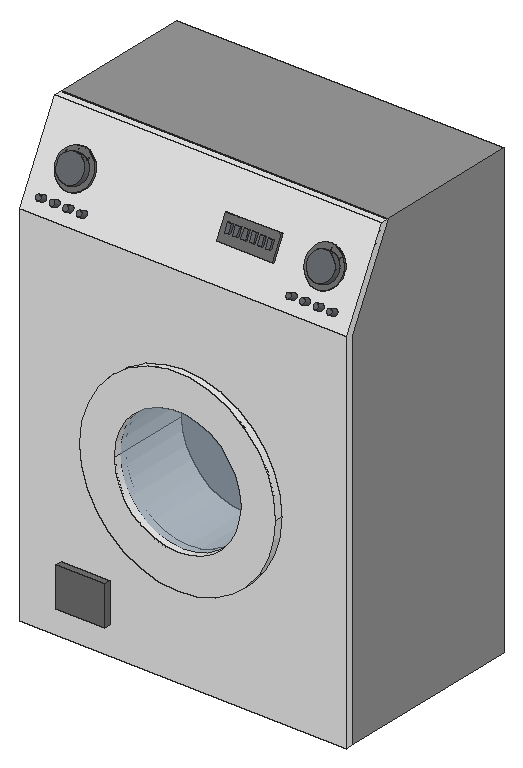
Revit family "Машина стиральная 4 кг", category Оборудование, Revit 2017
Family settings
  Размер круглого соединителя = Использовать радиус
  Тип детали = Вставляется
  На основе рабочей плоскости = Нет
  Всегда вертикально = Да
  При загрузке вырезать с полостями = Нет
  Общий = Нет
  Точка расчета площади = Нет
Parameters (values of type "LG F-1096SD3")
  Ширина = 600.0 mm
  Число полюсов = 1
  Примечание = ""
  Позиция = ""
  Обозначение = "F-1096SD3"
  Напряжение = 220 V
  Наименование = "Стиральная машина - 4кг"
  Мощность номинальная = 2000 W
  Код оборудования = ""
  Keynote = ""
  Изготовитель = "Severin"
  Задание = "ЭМ, ВК"
  Завод = "LG"
  Единицы = "шт."
  Диаметр_ХВ = 12.7 mm
  Диаметр_К = 25.4 mm
  Глубина = 360.0 mm
  Высота = 830.0 mm
  Mep_Масса = ""
Reference planes
  plane 1 "По центру (Вперед/Назад)": y = 0
  plane 2: z = 0
  plane 3 "По центру (Влево/Вправо)": x = 0
  plane 4: x = -300
  plane 5: x = 300
  plane 6: y = 180
  plane 7: y = -180
  plane 8: z = 830
Forms (mm)
  Extrusion 1, void
    sketch origin (300, 180, 830) x (0, 0, -1) y (-1, 0, 0)
      loop
        circle (735.989, 523.8) r 25
      loop
        circle (735.989, 448.8) r 25
      loop
        circle (735.989, 373.8) r 25
    from 0 to 17.133
Dimensions and locks
  equal spacing: plane 4, plane 3 "По центру (Влево/Вправо)", plane 5
  equal spacing: plane 6, plane 1 "По центру (Вперед/Назад)", plane 7
  "Глубина": plane 6 to plane 7
  "Ширина": plane 4 to plane 5
  "Высота": plane 8 to plane 2
  locked: Extrusion 1 to Extrusion 1 at 17.133
  aligned and locked: level to plane 2
  aligned and locked: nested 1 to plane 4
  aligned and locked: nested 1 to plane 6
  aligned and locked: nested 1 to plane 5
  aligned and locked: Extrusion 1 to plane 6
Automatic sketch dimensions
  nested 1 to Extrusion 1 sketch curve = 94.011 mm
  Extrusion 1 sketch curve to Extrusion 1 sketch curve = 0.0 mm  (x2)
  Extrusion 1 sketch curve to nested 1 = 226.2 mm
  Extrusion 1 sketch curve to Extrusion 1 sketch curve = 75.0 mm  (x2)
  radius of Extrusion 1 sketch curve = 25.0 mm  (x3)
Nested families
  nested 1: "Washing_Machine_12198" at (0, -1658.487, 0), width <- "Ширина", depth <- "Глубина", height <- "Высота", type "27x29x42 inch"
    with width 600.0 mm, washing machine Пластмасса, непрозрачная, белая, height 830.0 mm, depth 360.0 mm, WM Side GKS_Оборудование
Connectors
  electrical at (-73.8, 180, 94.011), driven by "Число полюсов", driven by "Напряжение", driven by "Мощность номинальная"
    settings: on Extrusion 1, index 1, voltage 220 V, apparent load 2000 VA, apparent load phase1 0 VA, apparent load phase2 0 VA, apparent load phase3 0 VA, power factor 0, load classification "Прочее", number of poles 1, system type 30, power factor state 1, is connector primary yes, connector utility no, sub classification motor no, connector description ""
  piping at (-148.8, 180, 94.011), diameter 25.4, driven by "Диаметр_ХВ"
    settings: on Extrusion 1, index 2, connector inside diameter 609.6 mm, connector length 0.0 mm, flow factor 0, pipe flow 0.0 L/s, pressure drop 0.0 Pa, fitting loss kfactor 0, connector angle 0.00°, fixture units 0, engagement length 0.0 mm, angle of deflection 0.00°, flow configuration 0, flow direction 0, fitting loss method 4, system type 20, joint type 0, gender type 0, connector reference index -1, connector utility 0, adjustable connector no, is connector primary yes, connector description ""
  piping at (-223.8, 180, 94.011), diameter 50.8, driven by "Диаметр_К"
    settings: on Extrusion 1, index 3, connector inside diameter 609.6 mm, connector length 0.0 mm, flow factor 0, pipe flow 0.0 L/s, pressure drop 0.0 Pa, fitting loss kfactor 0, connector angle 0.00°, fixture units 0, engagement length 0.0 mm, angle of deflection 0.00°, flow configuration 0, flow direction 0, fitting loss method 0, system type 16, joint type 0, gender type 0, connector reference index -1, connector utility 0, adjustable connector no, is connector primary no, connector description ""
Definition of nested family "Washing_Machine_12198"
  Parameters (values of type "27x29x42 inch")
    width [instance] = 550.0 mm
    washing machine [instance] = none
    radius of window = 129.2 mm
    radius of win outer = radius of window + 50.8 mm  # 180.0 mm
    radius of inner window = radius of window - 12.7 mm  # 116.5 mm
    knob = none
    inner_handel = radius of window + 6.35 mm  # 135.55 mm
    height [instance] = 850.0 mm
    external_handel = radius of window + 31.75 mm  # 160.95 mm
    depth [instance] = 600.0 mm
    black glass = none
    WM chrome = none
    WM Side [instance] = none
    Note to users = ""
    Disclaimer = ""
    Comments and Suggestions Welcome to = ""
    Assembly Code = ""
  Reference planes
    plane 1 "Center (Front/Back)": y = 1724.148
    plane 2 "bottom": z = 1947.2
    plane 3 "Center (Left/Right)": x = 0
    plane 4: x = 275
    plane 5: x = -275
    plane 6: y = 2078.487
    plane 7: y = 1478.487
    plane 8: z = 850
    plane 9: y = 1491.187
    plane 10: z = 697.6
    plane 11: x = -198.8
    plane 12: x = -46.4
    plane 13: z = 348.8
    plane 14: y = 1465.787
    plane 15: y = 1618.187
    plane 16: y = 2053.087
    plane 17: x = -249.6
    plane 18: x = 249.6
    plane 19: y = 1516.587
    plane 20: z = 25.4
    plane 21: y = 1475.312
  Forms (mm)
    Extrusion 1, solid, material <- "WM Side"
      sketch origin (0, 0, 0) x (1, 0, 0) y (0, 1, 0)
        loop
          line (-275, 2078.487) -> (-275, 1491.187) -> (275, 1491.187) -> (275, 2078.487) -> (-275, 2078.487)
      from 0 to 850
    Extrusion 2, void
      sketch origin (-342.9, 226.487, 1811.046) x (0, 1, 0) y (0, 0, 1)
        loop
          line (1346.332, -961.046) -> (1264.7, -961.046) -> (1264.7, -1117.121) -> (1346.332, -961.046)
      from 67.9 to 617.9
    Extrusion 3, solid, material <- "WM chrome"
      sketch origin (370.581, 1407.987, 0) x (-1, 0, 0) y (0, 0, -1)
        loop
          line (569.381, -123.811) -> (569.381, -50.945) -> (480.246, -50.945) -> (480.246, -123.811) -> (569.381, -123.811)
      from -70.5 to -57.8
    Extrusion 4, solid, material <- "knob"
      sketch origin (-277.057, 1560.002, 852.897) x (0, -0.463466, -0.886115) y (1, 0, 0)
        loop
          circle (92.105, 71.74) r 25
      from 0 to 11.853
    Extrusion 5, solid, material <- "knob"
      sketch origin (-277.057, 1560.002, 852.897) x (0, -0.463466, -0.886115) y (1, 0, 0)
        loop
          circle (148.86, 34.418) r 5
      from 0 to 11.853
    Extrusion 6, solid, material <- "knob"
      sketch origin (-277.057, 1560.002, 852.897) x (0, -0.463466, -0.886115) y (1, 0, 0)
        loop
          circle (148.86, 59.418) r 5
      from 0 to 11.853
    Extrusion 7, solid, material <- "knob"
      sketch origin (-277.057, 1560.002, 852.897) x (0, -0.463466, -0.886115) y (1, 0, 0)
        loop
          circle (148.86, 84.418) r 5
      from 0 to 11.853
    Extrusion 8, solid, material <- "knob"
      sketch origin (-277.057, 1560.002, 852.897) x (0, -0.463466, -0.886115) y (1, 0, 0)
        loop
          circle (148.86, 109.418) r 5
      from 0 to 11.853
    Extrusion 9, solid, material <- "WM chrome"
      sketch origin (-277.057, 1560.002, 852.897) x (0, -0.463466, -0.886115) y (1, 0, 0)
        loop
          circle (91.863, 72.572) r 35
        loop
          line (71.075, 49.907) -> (72.418, 48.849) -> (74.982, 52.058) -> (73.745, 53.295) -> (71.075, 49.907)
        loop
          line (63.364, 68.608) -> (68.789, 68.775) -> (68.952, 70.633) -> (63.306, 70.499) -> (63.364, 68.608)
        loop
          line (70.539, 89.979) -> (76.409, 85.984) -> (77.569, 87.319) -> (71.555, 91.473) -> (70.539, 89.979)
      from 0 to 2
    Extrusion 10, solid
      sketch origin (-275, 1491.187, 0) x (0, 1, 0) y (0, 0, -1)
        loop
          line (0, 0) -> (-12.7, 0) -> (-12.7, -697.046) -> (67.3, -850) -> (81.632, -850) -> (0, -693.925) -> (0, 0)
      from -550 to 0
    Extrusion 11, solid
      sketch origin (-713.094, 1465.787, 3800) x (-1, 0, 0) y (0, 0, 1)
        loop
          circle (-713.094, -3451.2) r 129.2
        loop
          circle (-713.094, -3451.2) r 180
      from 0 to 152.4
    Extrusion 12, void
      sketch origin (-713.094, 1465.787, 3800) x (1, 0, 0) y (0, 0, 1)
        loop
          circle (713.094, -3451.2) r 180
      from -25.4 to -12.7
    Extrusion 13, void
      sketch origin (2766.356, -1524, 25.4) x (-1, 0, 0) y (0, -1, 0)
        loop
          line (2516.756, -3577.087) -> (3015.956, -3577.087) -> (3015.956, -3040.587) -> (2516.756, -3040.587) -> (2516.756, -3577.087)
      from 0 to 672.2
    Extrusion 14, void
      sketch origin (-713.094, 1491.187, 3800) x (1, 0, 0) y (0, 0, 1)
        loop
          circle (713.094, -3451.2) r 129.2
      from -81.632 to 25.4
    Sweep 15, solid
      path origin (2766.356, -1524, 348.8) x (0, -1, 0) y (1, 0, 0)
        loop
          line (-3142.187, -2766.356) -> (-2989.787, -2766.356)
      profile origin (0, 1541.987, 348.8) x (1, 0, 0) y (0, 0, 1)
        loop
          circle (0, 0) r 129.2
    Sweep 16, void
      path origin (2766.356, -1524, 348.8) x (0, -1, 0) y (1, 0, 0)
        loop
          line (-3142.187, -2766.356) -> (-2989.787, -2766.356)
      profile origin (0, 1541.987, 348.8) x (1, 0, 0) y (0, 0, 1)
        loop
          circle (0, 0) r 116.5
    Extrusion 17, solid, material <- "black glass"
      sketch origin (-342.9, 1478.487, 3800) x (-1, 0, 0) y (0, 0, 1)
        loop
          circle (-342.9, -3451.2) r 116.5
      from 0 to 12.7
    Extrusion 18, solid, material <- "knob"
      sketch origin (412.857, 1560.002, 852.897) x (0, -0.463466, -0.886115) y (1, 0, 0)
        loop
          circle (92.105, -207.54) r 25
      from 0 to 11.853
    Extrusion 19, solid, material <- "knob"
      sketch origin (412.857, 1560.002, 852.897) x (0, -0.463466, -0.886115) y (1, 0, 0)
        loop
          circle (148.86, -170.218) r 5
      from 0 to 11.853
    Extrusion 20, solid, material <- "knob"
      sketch origin (412.857, 1560.002, 852.897) x (0, -0.463466, -0.886115) y (1, 0, 0)
        loop
          circle (148.86, -195.218) r 5
      from 0 to 11.853
    Extrusion 21, solid, material <- "knob"
      sketch origin (412.857, 1560.002, 852.897) x (0, -0.463466, -0.886115) y (1, 0, 0)
        loop
          circle (148.86, -220.218) r 5
      from 0 to 11.853
    Extrusion 22, solid, material <- "knob"
      sketch origin (412.857, 1560.002, 852.897) x (0, -0.463466, -0.886115) y (1, 0, 0)
        loop
          circle (148.86, -245.218) r 5
      from 0 to 11.853
    Extrusion 23, solid, material <- "WM chrome"
      sketch origin (412.857, 1560.002, 852.897) x (0, -0.463466, -0.886115) y (1, 0, 0)
        loop
          circle (91.863, -208.372) r 35
        loop
          line (71.075, -185.707) -> (73.745, -189.095) -> (74.982, -187.858) -> (72.418, -184.649) -> (71.075, -185.707)
        loop
          line (63.364, -204.408) -> (63.306, -206.299) -> (68.952, -206.433) -> (68.789, -204.575) -> (63.364, -204.408)
        loop
          line (70.539, -225.779) -> (71.555, -227.273) -> (77.569, -223.119) -> (76.409, -221.784) -> (70.539, -225.779)
      from 0 to 2
    Extrusion 24, solid, material <- "WM chrome"
      sketch origin (412.857, 1560.002, 852.897) x (0, -0.463466, -0.886115) y (1, 0, 0)
        loop
          line (69.709, -295.114) -> (69.709, -397.423) -> (114.709, -397.423) -> (114.709, -295.114) -> (69.709, -295.114)
        loop
          line (83.201, -304.7) -> (83.201, -312.423) -> (98.201, -312.423) -> (98.201, -304.7) -> (83.201, -304.7)
        loop
          line (83.201, -319.7) -> (83.201, -327.423) -> (98.201, -327.423) -> (98.201, -319.7) -> (83.201, -319.7)
        loop
          line (83.201, -334.7) -> (83.201, -342.423) -> (98.201, -342.423) -> (98.201, -334.7) -> (83.201, -334.7)
        loop
          line (83.201, -349.7) -> (83.201, -357.423) -> (98.201, -357.423) -> (98.201, -349.7) -> (83.201, -349.7)
        loop
          line (83.201, -364.7) -> (83.201, -372.423) -> (98.201, -372.423) -> (98.201, -364.7) -> (83.201, -364.7)
        loop
          line (82.156, -379.7) -> (82.156, -387.423) -> (98.201, -387.423) -> (98.201, -379.7) -> (82.156, -379.7)
      from 0 to 2
    Extrusion 25, solid, material <- "knob"
      sketch origin (412.857, 1560.002, 852.897) x (0, -0.463466, -0.886115) y (1, 0, 0)
        loop
          line (82.156, -304.7) -> (82.156, -312.423) -> (98.201, -312.423) -> (98.201, -304.7) -> (82.156, -304.7)
        loop
          line (82.156, -319.7) -> (82.156, -327.423) -> (98.201, -327.423) -> (98.201, -319.7) -> (82.156, -319.7)
        loop
          line (82.156, -334.7) -> (82.156, -342.423) -> (98.201, -342.423) -> (98.201, -334.7) -> (82.156, -334.7)
        loop
          line (82.156, -349.7) -> (82.156, -357.423) -> (98.201, -357.423) -> (98.201, -349.7) -> (82.156, -349.7)
        loop
          line (82.156, -364.7) -> (82.156, -372.423) -> (98.201, -372.423) -> (98.201, -364.7) -> (82.156, -364.7)
        loop
          line (82.156, -379.7) -> (82.156, -387.423) -> (98.201, -387.423) -> (98.201, -379.7) -> (82.156, -379.7)
      from 0 to 4.473
  Cuts and joins
    Extrusion 2, Extrusion 13, Extrusion 14, Sweep 16 cuts Extrusion 1
    Extrusion 12, Extrusion 13, Extrusion 14, Sweep 16 cuts Extrusion 11
    Sweep 16 cuts Sweep 15
    joined: Extrusion 11, Sweep 15
    Extrusion 12, Extrusion 13, Extrusion 14, Sweep 16 cuts Extrusion 10
  Dimensions and locks
    "width": plane 5 to plane 4
    equal spacing: plane 5, plane 3 "Center (Left/Right)", plane 4
    "depth": plane 6 to plane 7
    "height": plane 8 to level
    plane 1 "Center (Front/Back)" to plane 9 to plane 7 = 232.961 mm locked, 12.7 mm locked
    locked: plane 8 to plane 10 at 152.4
    plane 5 to plane 11 to plane 12 = 76.2 mm locked, 152.4 mm locked
    equal spacing: plane 10, plane 13, level
    locked: plane 7 to plane 14 at 12.7
    locked: plane 15 to plane 14 at 152.4
    locked: plane 16 to plane 6 at 25.4
    locked: plane 5 to plane 17 at 25.4
    locked: plane 18 to plane 4 at 25.4
    locked: plane 19 to plane 9 at 25.4
    locked: plane 20 to level at 25.4
    locked: plane 7 to plane 21 at 3.175
    "radius of window": radius of Extrusion 11 sketch curve
    "radius of win outer": radius of Extrusion 11 sketch curve
    "radius of inner window": radius of Sweep 16 sketch curve
    aligned and locked: Extrusion 1 sketch curve to plane 5
    aligned and locked: plane 4 to Extrusion 1 sketch curve
    aligned and locked: plane 6 to Extrusion 1 sketch curve
    aligned and locked: cut or joined group of Extrusion 1, Extrusion 2, Extrusion 13, Extrusion 14, Sweep 16 to plane 8
    aligned and locked: level to cut or joined group of Extrusion 1, Extrusion 2, Extrusion 13, Extrusion 14, Sweep 16
    aligned and locked: plane 9 to Extrusion 1 sketch curve
    aligned and locked: Extrusion 10 sketch curve to plane 9
    aligned and locked: Extrusion 10 sketch curve to plane 7
    aligned and locked: Extrusion 10 sketch curve to level
    aligned and locked: Extrusion 10 sketch curve to plane 8
    aligned and locked: Extrusion 10 sketch curve to cut or joined group of Extrusion 1, Extrusion 2, Extrusion 13, Extrusion 14, Sweep 16
    aligned and locked: Extrusion 10 to plane 4
    aligned and locked: plane 5 to Extrusion 10
    aligned and locked: Extrusion 1 to Extrusion 2  (x2)
    aligned and locked: plane 11 to Extrusion 3
    aligned and locked: plane 15 to Extrusion 11
    aligned and locked: Extrusion 11 to plane 14
    aligned and locked: Extrusion 12 sketch curve to Extrusion 11  (x2)
    aligned and locked: Extrusion 12 to cut or joined group of Extrusion 1, Extrusion 2, Extrusion 13, Extrusion 14, Sweep 16
    aligned and locked: Extrusion 12 to Extrusion 3
    aligned and locked: Extrusion 13 sketch curve to plane 16
    aligned and locked: Extrusion 13 sketch curve to plane 17
    aligned and locked: Extrusion 13 sketch curve to plane 18
    aligned and locked: Extrusion 13 sketch curve to plane 19
    aligned and locked: Extrusion 13 to plane 10
    aligned and locked: plane 20 to Extrusion 13
    aligned and locked: Extrusion 14 sketch curve to cut or joined group of Extrusion 11, Extrusion 12, Extrusion 13, Extrusion 14, Sweep 15, Sweep 16  (x2)
    aligned and locked: Extrusion 14 to Extrusion 2
    aligned and locked: plane 3 "Center (Left/Right)" to Sweep 15 sketch curve
    aligned and locked: plane 14 to Sweep 15 sketch curve
    aligned and locked: plane 15 to Sweep 15 sketch curve
    aligned and locked: Sweep 15 sketch curve to cut or joined group of Extrusion 11, Extrusion 12, Extrusion 13, Extrusion 14, Sweep 15, Sweep 16  (x2)
    aligned and locked: plane 3 "Center (Left/Right)" to Sweep 16 sketch curve
    aligned and locked: plane 14 to Sweep 16 sketch curve
    aligned and locked: plane 15 to Sweep 16 sketch curve
    aligned and locked: Extrusion 17 sketch curve to cut or joined group of Extrusion 11, Extrusion 12, Extrusion 13, Extrusion 14, Sweep 15, Sweep 16  (x2)
    aligned and locked: Extrusion 17 to plane 7
    aligned and locked: plane 9 to Extrusion 17
    aligned and locked: plane 7 to Extrusion 3
    aligned and locked: Extrusion 3 to plane 14
    aligned and locked: plane 14 to cut or joined group of Extrusion 11, Extrusion 12, Extrusion 13, Extrusion 14, Sweep 15, Sweep 16
    aligned and locked: Extrusion 3 to Extrusion 14
  Automatic sketch dimensions
    plane 8 to Extrusion 2 sketch curve = 0.0 mm
    Extrusion 2 sketch curve to plane 9 = 0.0 mm
    Extrusion 2 sketch curve to plane 15 = 45.368 mm
    plane 10 to Extrusion 2 sketch curve = 3.675 mm
    plane 12 to Extrusion 3 sketch curve = 63.265 mm
    plane 11 to Extrusion 3 sketch curve = 0.0 mm
    Extrusion 3 sketch curve to plane 20 = 98.411 mm
    Extrusion 3 sketch curve to plane 20 = 25.545 mm
    Extrusion 10 to Extrusion 4 sketch curve = 83.777 mm
    Extrusion 10 to Extrusion 4 sketch curve = 69.684 mm
    Extrusion 10 to Extrusion 5 sketch curve = 27.021 mm
    Extrusion 10 to Extrusion 5 sketch curve = 32.361 mm
    Extrusion 10 to Extrusion 6 sketch curve = 27.021 mm
    Extrusion 10 to Extrusion 6 sketch curve = 57.361 mm
    Extrusion 10 to Extrusion 7 sketch curve = 27.021 mm
    Extrusion 10 to Extrusion 7 sketch curve = 82.361 mm
    Extrusion 10 to Extrusion 8 sketch curve = 27.021 mm
    Extrusion 10 to Extrusion 8 sketch curve = 107.361 mm
    Extrusion 9 sketch curve to Extrusion 10 = 60.037 mm
    Extrusion 9 sketch curve to Extrusion 9 sketch curve = 0.058 mm
    Extrusion 9 sketch curve to Extrusion 9 sketch curve = 5.425 mm
    Extrusion 9 sketch curve to Extrusion 9 sketch curve = 0.163 mm
    Extrusion 9 sketch curve to Extrusion 9 sketch curve = 1.587 mm
    Extrusion 9 sketch curve to Extrusion 9 sketch curve = 2.286 mm
    Extrusion 9 sketch curve to Extrusion 9 sketch curve = 1.017 mm
    Extrusion 10 to Extrusion 9 sketch curve = 46.793 mm
    Extrusion 9 sketch curve to Extrusion 9 sketch curve = 1.343 mm
    Extrusion 9 sketch curve to Extrusion 9 sketch curve = 2.67 mm
    Extrusion 9 sketch curve to Extrusion 9 sketch curve = 1.238 mm  (x2)
    Extrusion 9 sketch curve to Extrusion 9 sketch curve = 5.87 mm
    Extrusion 9 sketch curve to Extrusion 9 sketch curve = 1.16 mm
    Extrusion 9 sketch curve to Extrusion 9 sketch curve = 15.454 mm
    Extrusion 9 sketch curve to Extrusion 9 sketch curve = 1.058 mm
    Extrusion 9 sketch curve to Extrusion 9 sketch curve = 15.313 mm
    Extrusion 9 sketch curve to Extrusion 9 sketch curve = 0.167 mm
    Extrusion 9 sketch curve to Extrusion 9 sketch curve = 1.858 mm
    Extrusion 9 sketch curve to Extrusion 9 sketch curve = 1.939 mm
    Extrusion 9 sketch curve to Extrusion 9 sketch curve = 15.351 mm
    Extrusion 9 sketch curve to Extrusion 9 sketch curve = 1.334 mm
    Extrusion 9 sketch curve to Extrusion 9 sketch curve = 3.995 mm
    Extrusion 10 sketch curve to Extrusion 10 sketch curve = 14.332 mm
    Extrusion 10 sketch curve to Extrusion 10 sketch curve = 3.121 mm
    Extrusion 10 to Extrusion 18 sketch curve = 83.777 mm
    Extrusion 10 to Extrusion 18 sketch curve = 69.684 mm
    Extrusion 10 to Extrusion 19 sketch curve = 27.021 mm
    Extrusion 10 to Extrusion 19 sketch curve = 32.361 mm
    Extrusion 10 to Extrusion 20 sketch curve = 27.021 mm
    Extrusion 10 to Extrusion 20 sketch curve = 57.361 mm
    Extrusion 10 to Extrusion 21 sketch curve = 27.021 mm
    Extrusion 10 to Extrusion 21 sketch curve = 82.361 mm
    Extrusion 10 to Extrusion 22 sketch curve = 27.021 mm
    Extrusion 10 to Extrusion 22 sketch curve = 107.361 mm
    Extrusion 23 sketch curve to Extrusion 10 = 60.037 mm
    Extrusion 23 sketch curve to Extrusion 23 sketch curve = 0.058 mm
    Extrusion 23 sketch curve to Extrusion 23 sketch curve = 5.425 mm
    Extrusion 23 sketch curve to Extrusion 23 sketch curve = 0.163 mm
    Extrusion 23 sketch curve to Extrusion 23 sketch curve = 1.587 mm
    Extrusion 23 sketch curve to Extrusion 23 sketch curve = 2.286 mm
    Extrusion 23 sketch curve to Extrusion 23 sketch curve = 1.017 mm
    Extrusion 10 to Extrusion 23 sketch curve = 46.793 mm
    Extrusion 23 sketch curve to Extrusion 23 sketch curve = 1.343 mm
    Extrusion 23 sketch curve to Extrusion 23 sketch curve = 2.67 mm
    Extrusion 23 sketch curve to Extrusion 23 sketch curve = 1.238 mm  (x2)
    Extrusion 23 sketch curve to Extrusion 23 sketch curve = 5.87 mm
    Extrusion 23 sketch curve to Extrusion 23 sketch curve = 1.16 mm
    Extrusion 23 sketch curve to Extrusion 23 sketch curve = 15.454 mm
    Extrusion 23 sketch curve to Extrusion 23 sketch curve = 1.058 mm
    Extrusion 23 sketch curve to Extrusion 23 sketch curve = 15.313 mm
    Extrusion 23 sketch curve to Extrusion 23 sketch curve = 0.167 mm
    Extrusion 23 sketch curve to Extrusion 23 sketch curve = 1.858 mm
    Extrusion 23 sketch curve to Extrusion 23 sketch curve = 1.939 mm
    Extrusion 23 sketch curve to Extrusion 23 sketch curve = 15.351 mm
    Extrusion 23 sketch curve to Extrusion 23 sketch curve = 1.334 mm
    Extrusion 23 sketch curve to Extrusion 23 sketch curve = 3.995 mm
    Extrusion 24 sketch curve to Extrusion 10 = 66.44 mm
    Extrusion 24 sketch curve to Extrusion 24 sketch curve = 12.447 mm
    Extrusion 24 sketch curve to Extrusion 24 sketch curve = 13.492 mm
    Extrusion 24 sketch curve to Extrusion 24 sketch curve = 1.045 mm
    Extrusion 24 sketch curve to Extrusion 24 sketch curve = 0.0 mm  (x7)
    Extrusion 24 sketch curve to Extrusion 24 sketch curve = 15.0 mm
    Extrusion 24 sketch curve to Extrusion 24 sketch curve = 16.045 mm
    Extrusion 24 sketch curve to Extrusion 24 sketch curve = 16.508 mm
    Extrusion 10 to Extrusion 24 sketch curve = 259.566 mm
    Extrusion 24 sketch curve to Extrusion 24 sketch curve = 10.0 mm
    Extrusion 24 sketch curve to Extrusion 24 sketch curve = 7.723 mm  (x6)
    Extrusion 24 sketch curve to Extrusion 24 sketch curve = 7.277 mm  (x5)
    Extrusion 24 sketch curve to Extrusion 24 sketch curve = 9.586 mm
    Extrusion 25 sketch curve to Extrusion 10 = 78.887 mm
    Extrusion 25 sketch curve to Extrusion 25 sketch curve = 0.0 mm  (x10)
    Extrusion 25 sketch curve to Extrusion 25 sketch curve = 16.045 mm
    Extrusion 10 to Extrusion 25 sketch curve = 249.566 mm
    Extrusion 25 sketch curve to Extrusion 25 sketch curve = 7.723 mm  (x6)
    Extrusion 25 sketch curve to Extrusion 25 sketch curve = 7.277 mm  (x5)
    Extrusion 11 sketch curve to Extrusion 11 sketch curve = 0.0 mm  (x2)
    Extrusion 11 sketch curve to plane 3 "Center (Left/Right)" = 0.0 mm
    Extrusion 11 sketch curve to plane 13 = 0.0 mm
    Sweep 16 sketch curve to Sweep 16 sketch curve = 0.0 mm  (x2)
    Sweep 16 sketch curve to plane 13 = 0.0 mm
    profile plane to Sweep 16 sketch curve = 0.0 mm
    radius of Extrusion 4 sketch curve = 25.0 mm
    radius of Extrusion 5 sketch curve = 5.0 mm
    radius of Extrusion 6 sketch curve = 5.0 mm
    radius of Extrusion 7 sketch curve = 5.0 mm
    radius of Extrusion 8 sketch curve = 5.0 mm
    radius of Extrusion 9 sketch curve = 35.0 mm
    radius of Extrusion 18 sketch curve = 25.0 mm
    radius of Extrusion 19 sketch curve = 5.0 mm
    radius of Extrusion 20 sketch curve = 5.0 mm
    radius of Extrusion 21 sketch curve = 5.0 mm
    radius of Extrusion 22 sketch curve = 5.0 mm
    radius of Extrusion 23 sketch curve = 35.0 mm
